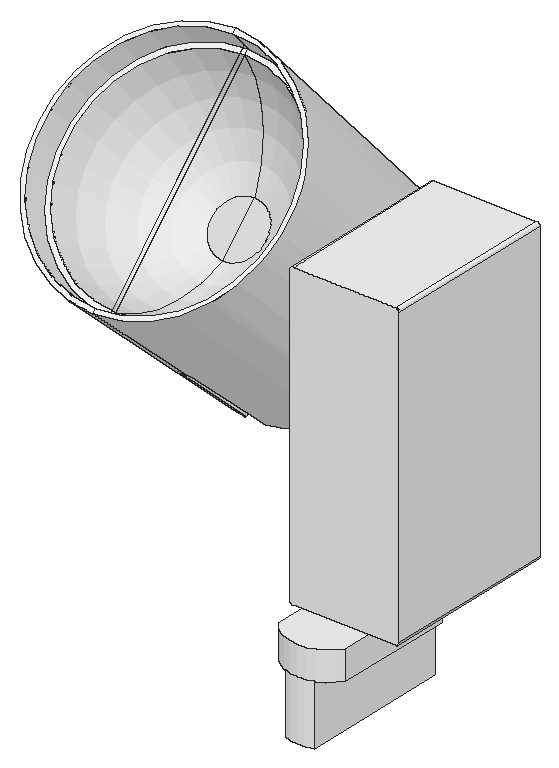
Revit family "0004938 Feilo Sylvania Lighting Fixture START TRACK SPOT L DALI 4824LM 940 WB WHT", category Lighting Fixtures, host Face, Revit 2017 (continued)
Definition of nested family "Start Track Spot Head"
  Types (96, lengths in mm): name | Wattage | built-in parameter 1150134 | Photometric Web File | Model | built-in parameter 1150105 | Lumens | built-in parameter 1150107 | built-in parameter 1150106 | HeadThickness_FEILO | HeadRibOffset_FEILO | HeadRibDepth_FEILO | HeadRibCutWidth_FEILO | HeadRibCutOffset_FEILO | HeadReflectorRadius_FEILO | HeadReflectorOffset_FEILO | HeadLEDRadius_FEILO | HeadHeight_FEILO | HeadDiffusorOffset_FEILO | HeadDiaOut_FEILO | HeadDiaIn_FEILO | HeadAxisFromTop_FEILO | Emit from Circle Diameter | built-in parameter 1150104 | Description | Apparent Load
    0004812 START TRACK SPOT S 14W 3K RA80 MB WHITE | 14 W | (empty or 0) | "0004812.ies" | "START TRACK SPOT S 14W 3K RA80 MB WHITE" | 120.32 (stored number, unit not read) | 1512 lm | 3000 (stored number, unit not read) | 1.2032 (stored number, unit not read) | 1.5 | 4.179 | 55.714 | 7.167 | 50.87 | 50.588 | 55.714 | 9.556 | 117 | 9.435 | 86 | 77.477 | 69.354 | 77.477 | 10.034 (stored number, unit not read) | "Integrated LED spotlight, Textured White - RAL9016, compact and minimalist design, ideal for retail applications, die-cast aluminium body, passive cooling heatsink. Beam angle: 36°, color temperature: 3000K , total system power: 14W, total fixture output: 1508 lm, LOR: 100%, colour rendering: Ra: 80 typical, LED Chromaticity: 3 step MacAdam ellipse, lifetime: >50000 hours at L70B50, energy class: A++, A+, A, IR/UV free light source without heat radiation, operating voltage: 220-240V / 50-60Hz, drive current: 350mA, electronic driver, non-dimmable, power factor: 0.92, electrical protection: Class II, Global Track 3 Phase adapter suitable for Global trac 3-circuit tracks, ingress protection rating: IP20, suitable for internal environment only, horizontal rotation: 355°, vertical tilt: 90°, dimensions: Ø86x140x200, weight: 0.940kg." | 14 VA
    0004811 START TRACK SPOT S 14W 3K RA80 NB WHITE | 14 W | (empty or 0) | "0004811.ies" | "START TRACK SPOT S 14W 3K RA80 NB WHITE" | 123.66 (stored number, unit not read) | 1554 lm | 3000 (stored number, unit not read) | 1.2366 (stored number, unit not read) | 1.5 | 4.179 | 55.714 | 7.167 | 50.87 | 50.588 | 55.714 | 9.556 | 117 | 9.435 | 86 | 77.477 | 69.354 | 77.477 | 10.312 (stored number, unit not read) | "Integrated LED spotlight, Textured White - RAL9016, compact and minimalist design, ideal for retail applications, die-cast aluminium body, passive cooling heatsink. Beam angle: 12°, color temperature: 3000K , total system power: 14W, total fixture output: 1551 lm, LOR: 100%, colour rendering: Ra: 80 typical, LED Chromaticity: 3 step MacAdam ellipse, lifetime: >50000 hours at L70B50, energy class: A++, A+, A, IR/UV free light source without heat radiation, operating voltage: 220-240V / 50-60Hz, drive current: 350mA, electronic driver, non-dimmable, power factor: 0.92, electrical protection: Class II, Global Track 3 Phase adapter suitable for Global trac 3-circuit tracks, ingress protection rating: IP20, suitable for internal environment only, horizontal rotation: 355°, vertical tilt: 90°, dimensions: Ø86x140x200, weight: 0.940kg." | 14 VA
  Reference planes
    plane 1 "Center (Front/Back)": y = 0
    plane 2: z = 0
    plane 3 "Center (Left/Right)": x = 0
    plane 4: x = 43
    plane 5: x = -43
    plane 6: x = -38.739
    plane 7: x = 38.739
    plane 8: z = 69.354
    plane 9: z = -47.646
    plane 10: x = -41.5
    plane 11: x = -37.239
    plane 12: z = -38.211
    plane 13: z = -35.211
    plane 14: z = 8.068
    plane 15: x = -9.556
    plane 16: x = -28.667
    plane 17: x = -19.111
    plane 18: x = -27.167
    plane 19: x = -17.611
    plane 20: x = -8.056
    plane 21: z = 13.64
    plane 22: x = -29.667
    plane 23: x = -26.167
    plane 24: x = -20.111
    plane 25: x = -16.611
    plane 26: x = -10.556
    plane 27: x = -7.056
    plane 28: x = -36.239
    plane 29: x = -40.5
    plane 30: z = 65.175
    plane 31: z = 60.997
    plane 32: z = 56.818
    plane 33: z = 18.484
    plane 34: y = -43
    plane 35: y = 43
    plane 36: y = 3.583
    plane 37: y = -3.583
    plane 38: y = -2.583
    plane 39: y = 2.583
    plane 40: y = 46
    plane 41: z = 13.5
    plane 42: z = -13.5
    plane 43: y = 39
    plane 44: x = 4.708
    plane 45: x = -2.458
    plane 46: x = -1.458
    plane 47: x = 1.458
  Forms (mm)
    Extrusion 1, solid
      sketch origin (4.2, 0, 0) x (1, 0, 0) y (0, 1, 0)
        loop
          line (-1219.2, 1219.2) -> (-1219.2, -1219.2) -> (1219.2, -1219.2) -> (1219.2, 1219.2) -> (-1219.2, 1219.2)
      from 0 to -68.017
    Revolve 2, solid, material <- "Material_1_FEILO", detail levels medium+fine
      sketch origin (0, 0, 0) x (1, 0, 0) y (0, 0, 1)
        loop
          line (-43, -47.646) -> (-41.5, -47.646) -> (-40.5, -35.211) -> (-38.739, -35.211)
          arc (-38.739, -35.211) -> (-30.16, -9.517) -> (-9.556, 8.068) r 50.588
          line (-9.556, 8.068) -> (0, 8.068) -> (0, 13.64) -> (-16.611, 13.64) -> (-17.611, 60.997) -> (-19.111, 60.997) -> (-20.111, 13.64) -> (-36.239, 13.64) -> (-37.239, 69.354) -> (-38.739, 69.354) -> (-43, -47.646)
        axis (0, 69.354) -> (0, -47.646)
      angle from 360 to 0
    Extrusion 3, void
      sketch origin (0, 0, 0) x (0, 1, 0) y (0, 0, 1)
        loop
          line (-3.583, 69.354) -> (-2.583, 18.484) -> (1.932, 18.484) -> (2.932, 69.354) -> (-3.583, 69.354)
      from 43 to -43
    Revolve 4, solid, material <- "Material_2_FEILO", detail levels medium+fine
      sketch origin (0, 0, 0) x (1, 0, 0) y (0, 0, 1)
        loop
          line (-41.5, -38.211) -> (0, -38.211) -> (0, -35.211) -> (-41.5, -35.211) -> (-41.5, -38.211)
        axis (0, -35.211) -> (0, -38.211)
      angle from 360 to 0
    Revolve 5, solid, material <- "Material_1_FEILO"
      sketch origin (0, 0, 0) x (0, 1, 0) y (0, 0, 1)
        loop
          line (46, 0) -> (39, 0) -> (39, -13.5) -> (46, -13.5) -> (46, 0)
        axis (39, 0) -> (46, 0)
      angle from 360 to 0
    Revolve 6, solid, material <- "Material_1_FEILO", detail levels medium+fine
      sketch origin (0, 0, 0) x (1, 0, 0) y (0, 0, 1)
        loop
          line (-29.667, 13.64) -> (-26.167, 13.64) -> (-27.167, 65.175) -> (-28.667, 65.175) -> (-29.667, 13.64)
        loop
          line (-10.556, 13.64) -> (-7.056, 13.64) -> (-7.833, 56.818) -> (-9.778, 56.818) -> (-10.556, 13.64)
        axis (0, 65.175) -> (0, 13.64)
      angle from 360 to 0
    Extrusion 7, void
      sketch origin (0, 0, 0) x (1, 0, 0) y (0, 0, 1)
        loop
          line (4.708, 69.354) -> (-2.458, 69.354) -> (-1.458, 13.64) -> (1.458, 13.64) -> (4.708, 69.354)
      from -43 to 43
    Revolve 8, solid, material <- "Material_1_FEILO", detail levels coarse
      sketch origin (0, 0, 0) x (1, 0, 0) y (0, 0, 1)
        loop
          line (0, 69.354) -> (-38.739, 69.354) -> (-43, -47.646) -> (-41.5, -47.646) -> (-40.731, -38.211) -> (0, -38.211) -> (0, 69.354)
        axis (0, 69.354) -> (0, -47.646)
      angle from 360 to 0
  Cuts and joins
    Extrusion 3 cuts Revolve 2
    Extrusion 7 cuts Revolve 6
  Dimensions and locks
    equal spacing: plane 7, plane 3 "Center (Left/Right)", plane 6
    equal spacing: plane 4, plane 3 "Center (Left/Right)", plane 5
    "HeadDiaOut_FEILO": plane 4 to plane 5
    "HeadDiaIn_FEILO": plane 7 to plane 6
    "HeadHeight_FEILO": plane 8 to plane 9
    "HeadThickness_FEILO": plane 10 to plane 5
    "HeadThickness_FEILO": plane 11 to plane 6
    "HeadDiffusorOffset_FEILO": plane 12 to plane 9
    "HeadDiffusorThickness_FEILO": plane 13 to plane 12
    "HeadReflectorOffset_FEILO": plane 14 to plane 9
    "HeadLEDRadius_FEILO": plane 3 "Center (Left/Right)" to plane 15
    "HeadLEDRadius_FEILO": plane 15 to plane 17
    "HeadLEDRadius_FEILO": plane 17 to plane 16
    "HeadThickness_FEILO": plane 18 to plane 16
    "HeadThickness_FEILO": plane 19 to plane 17
    "HeadThickness_FEILO": plane 20 to plane 15
    "HeadRibDepth_FEILO": plane 8 to plane 21
    "HeadDraft_FEILO": plane 16 to plane 22
    "HeadDraft_FEILO": plane 23 to plane 18
    "HeadDraft_FEILO": plane 17 to plane 24
    "HeadDraft_FEILO": plane 25 to plane 19
    "HeadDraft_FEILO": plane 15 to plane 26
    "HeadDraft_FEILO": plane 27 to plane 20
    "HeadDraft_FEILO": plane 29 to plane 10
    "HeadDraft_FEILO": plane 28 to plane 11
    "HeadRibOffset_FEILO": plane 8 to plane 30
    "HeadRibOffset_FEILO": plane 30 to plane 31
    "HeadRibOffset_FEILO": plane 31 to plane 32
    "HeadAxisFromTop_FEILO": plane 8 to plane 2
    "HeadRibCutOffset_FEILO": plane 8 to plane 33
    equal spacing: plane 34, plane 1 "Center (Front/Back)", plane 35
    "HeadDiaOut_FEILO": plane 34 to plane 35
    equal spacing: plane 38, plane 1 "Center (Front/Back)", plane 39
    equal spacing: plane 37, plane 1 "Center (Front/Back)", plane 36
    "HeadRibCutWidth_FEILO": plane 37 to plane 36
    "HeadDraft_FEILO": plane 37 to plane 38
    locked: plane 35 to plane 40 at 3
    equal spacing: plane 41, plane 2, plane 42
    locked: plane 42 to plane 41 at 27
    locked: plane 43 to plane 35 at 4
    equal spacing: plane 45, imposter light, plane 44
    "HeadDraft_FEILO": plane 46 to plane 45
    "HeadRibCutWidth_FEILO": plane 44 to plane 45
    equal spacing: plane 47, plane 3 "Center (Left/Right)", plane 46
    "HeadReflectorRadius_FEILO": radius of Revolve 2 sketch curve
    aligned and locked: plane 2 to Extrusion 1
    aligned and locked: level to Extrusion 1
    aligned and locked: Revolve 2 sketch curve to plane 3 "Center (Left/Right)"  (x2)
    aligned and locked: plane 9 to Revolve 2 sketch curve  (x2)
    aligned and locked: plane 5 to Revolve 2 sketch curve
    aligned and locked: plane 10 to Revolve 2 sketch curve
    aligned and locked: plane 14 to Revolve 2 sketch curve
    aligned and locked: plane 8 to Revolve 2 sketch curve
    aligned and locked: Revolve 2 sketch curve to plane 13
    aligned and locked: plane 12 to Revolve 4 sketch curve
    aligned and locked: plane 3 "Center (Left/Right)" to Revolve 4 sketch curve
    aligned and locked: Revolve 4 sketch curve to plane 10
    aligned and locked: Revolve 4 sketch curve to plane 3 "Center (Left/Right)"
    aligned and locked: plane 12 to imposter light
    aligned and locked: imposter light to plane 1 "Center (Front/Back)"
    aligned and locked: Revolve 5 sketch curve to plane 2
    aligned and locked: plane 43 to Revolve 5 sketch curve
    aligned and locked: plane 42 to Revolve 5 sketch curve
    aligned and locked: Revolve 6 sketch curve to plane 3 "Center (Left/Right)"
    aligned and locked: plane 22 to Revolve 6 sketch curve
    aligned and locked: plane 30 to Revolve 6 sketch curve
    aligned and locked: plane 23 to Revolve 6 sketch curve
    aligned and locked: Revolve 6 sketch curve to plane 21  (x2)
    aligned and locked: plane 21 to Revolve 6 sketch curve
    aligned and locked: plane 17 to Revolve 2 sketch curve
    aligned and locked: plane 19 to Revolve 2 sketch curve
    aligned and locked: plane 31 to Revolve 2 sketch curve
    aligned and locked: plane 21 to Revolve 2 sketch curve
    aligned and locked: Extrusion 3 to plane 8
    aligned and locked: plane 33 to Extrusion 3
    aligned and locked: plane 8 to Extrusion 3 sketch curve
    aligned and locked: Extrusion 3 sketch curve to plane 33
    aligned and locked: Extrusion 3 to plane 5
    aligned and locked: plane 4 to Extrusion 3
    aligned and locked: plane 32 to Revolve 6 sketch curve
    aligned and locked: plane 44 to Extrusion 7 sketch curve
    aligned and locked: Extrusion 7 sketch curve to plane 8
    aligned and locked: plane 46 to Extrusion 7 sketch curve
    aligned and locked: plane 21 to Extrusion 7 sketch curve
    aligned and locked: plane 34 to Extrusion 7
    aligned and locked: Extrusion 7 to plane 35
    aligned and locked: Revolve 4 sketch curve to plane 13
    aligned and locked: Revolve 5 sketch curve to plane 40
    aligned and locked: Revolve 8 sketch curve to plane 3 "Center (Left/Right)"
    aligned and locked: Revolve 8 sketch curve to cut or joined group of Revolve 2, Extrusion 3  (x3)
    aligned and locked: plane 5 to Revolve 8 sketch curve
    aligned and locked: plane 3 "Center (Left/Right)" to Revolve 8 sketch curve
    aligned and locked: plane 12 to Revolve 8 sketch curve
  Automatic sketch dimensions
    Extrusion 1 sketch curve to Extrusion 1 sketch curve = 2438.4 mm  (x2)
    Extrusion 3 sketch curve to plane 37 = 0 mm
    Extrusion 3 sketch curve to plane 38 = 0 mm
    plane 39 to Extrusion 3 sketch curve = 0.651 mm
    Extrusion 3 sketch curve to plane 39 = 0.349 mm
    Revolve 6 sketch curve to plane 16 = 0 mm
    Revolve 6 sketch curve to plane 18 = 0 mm
    Revolve 6 sketch curve to plane 26 = 0 mm
    Revolve 6 sketch curve to plane 27 = 0 mm
    Revolve 6 sketch curve to plane 15 = 0.222 mm
    plane 9 to Revolve 6 sketch curve = 559.103 mm
    Revolve 6 sketch curve to plane 8 = 2535.555 mm
    plane 20 to Revolve 6 sketch curve = 0.222 mm
    Revolve 2 sketch curve to plane 29 = 0 mm
    Revolve 2 sketch curve to plane 6 = 0 mm  (x2)
    Revolve 2 sketch curve to plane 11 = 0 mm
    Revolve 2 sketch curve to plane 21 = 0 mm
    Revolve 2 sketch curve to plane 28 = 0 mm
    Revolve 2 sketch curve to plane 24 = 0 mm
    Revolve 2 sketch curve to plane 25 = 0 mm
    Revolve 2 sketch curve to plane 15 = 0 mm
    Revolve 2 sketch curve to Revolve 2 sketch curve = 557.155 mm
    Revolve 2 sketch curve to plane 8 = 2535.558 mm
    Extrusion 7 sketch curve to plane 45 = 0 mm
    Extrusion 7 sketch curve to plane 47 = 0 mm
    plane 9 to Revolve 4 sketch curve = 559.103 mm
    Revolve 4 sketch curve to plane 8 = 2535.555 mm
    Revolve 5 sketch curve to level = 0 mm
    plane 34 to Revolve 5 sketch curve = 1968.092 mm
    Revolve 5 sketch curve to plane 40 = 1405.763 mm
    Revolve 8 sketch curve to plane 6 = 0 mm
    Revolve 8 sketch curve to plane 29 = 0.231 mm
    plane 9 to Revolve 8 sketch curve = 559.103 mm
    Revolve 8 sketch curve to Revolve 8 sketch curve = 2535.555 mm
Definition of nested family "Start Track Spot Box"
  Parameters (values of type "Type Large White")
    URL = "http://www.feilosylvania.com"
    Type Image = (empty or 0)
    Type Comments = "n/a"
    Small_FEILO = no
    Material_3_FEILO = none
    Model = ""
    Manufacturer = "Feilo Sylvania"
    Keynote = ""
    Material_2_FEILO = none
    Description = ""
    Default Elevation = 1219.2 mm
    Cost = 0
    Material_1_FEILO = none
    BoxWidth_FEILO = 49 mm
    BoxStartAngle_FEILO [instance] = 0.00°
    BoxRadius_FEILO = 1.5 mm
    BoxHeight_FEILO = if(Small_FEILO, 112 mm, 136 mm)  # 136 mm
    BoxEndAngle_FEILO [instance] = BoxStartAngle_FEILO - 180.00°  # -180.00°
    BoxDepth_FEILO = if(Small_FEILO, 71.5 mm, 79 mm)  # 79 mm
    BoxAxisVerticalOffset_FEILO = 16 mm
    BoxAxisOffset_FEILO = BoxHeight_FEILO / 6.8  # 20 mm
    Assembly Code = ""
    Material_4_FEILO = none
  Types (4, lengths in mm): name | Small_FEILO | BoxHeight_FEILO | BoxDepth_FEILO | BoxAxisOffset_FEILO
    Type Large White | no | 136 | 79 | 20
    Type Small White | yes | 112 | 71.5 | 16.471
    Type Small Black | yes | 112 | 71.5 | 16.471
    Type Large Black | no | 136 | 79 | 20
  Reference planes
    plane 1 "Center (Front/Back)": y = 0
    plane 2: z = 0
    plane 3 "Center (Left/Right)": x = 0
    plane 4: x = 24.5
    plane 5: x = -24.5
    plane 6: y = 68
    plane 7: y = -68
    plane 8: z = 39.5
    plane 9: z = -39.5
    plane 10: y = -48
    plane 11: x = 30.5
    plane 12: x = 8.5
    plane 13: x = 21.5
    plane 14: y = 70
    plane 15: y = 72
    plane 16: x = 19.5
  Forms (mm)
    Extrusion 1, solid
      sketch origin (4.2, 0, 0) x (1, 0, 0) y (0, 1, 0)
        loop
          line (-1219.2, 1219.2) -> (-1219.2, -1219.2) -> (1219.2, -1219.2) -> (1219.2, 1219.2) -> (-1219.2, 1219.2)
      from 0 to -68.017
    Extrusion 2, solid, material <- "Material_1_FEILO"
      sketch origin (0, 0, 0) x (1, 0, 0) y (0, 1, 0)
        loop
          arc (-23, 68) -> (-24.061, 67.561) -> (-24.5, 66.5) r 1.5
          line (-24.5, 66.5) -> (-24.5, -66.5)
          arc (-24.5, -66.5) -> (-24.061, -67.561) -> (-23, -68) r 1.5
          line (-23, -68) -> (23, -68)
          arc (23, -68) -> (24.061, -67.561) -> (24.5, -66.5) r 1.5
          line (24.5, -66.5) -> (24.5, 66.5)
          arc (24.5, 66.5) -> (24.061, 67.561) -> (23, 68) r 1.5
          line (23, 68) -> (-23, 68)
      from -39.5 to 39.5
    Revolve 3, solid, not visible
      sketch origin (0, 0, 0) x (1, 0, 0) y (0, 1, 0)
        loop
          line (30.5, -48) -> (24.5, -48) -> (24.5, -68) -> (30.5, -68) -> (30.5, -48)
        axis (30.5, -48) -> (24.5, -48)
      angle from 0 <- "BoxStartAngle_FEILO" to -180 <- "BoxEndAngle_FEILO"
    Revolve 4, solid, material <- "Material_2_FEILO"
      sketch origin (0, 0, 0) x (1, 0, 0) y (0, 1, 0)
        loop
          line (8.5, 68) -> (19.5, 68) -> (19.5, 70) -> (21.5, 70) -> (21.5, 72) -> (8.5, 72) -> (8.5, 68)
        axis (8.5, 72) -> (8.5, 68)
      angle from 360 to 0
  Dimensions and locks
    equal spacing: plane 5, plane 3 "Center (Left/Right)", plane 4
    "BoxWidth_FEILO": plane 5 to plane 4
    equal spacing: plane 7, plane 1 "Center (Front/Back)", plane 6
    "BoxHeight_FEILO": plane 7 to plane 6
    equal spacing: plane 8, plane 2, plane 9
    "BoxDepth_FEILO": plane 8 to plane 9
    "BoxAxisOffset_FEILO": plane 7 to plane 10
    locked: plane 4 to plane 11 at 6
    "BoxAxisVerticalOffset_FEILO": plane 12 to plane 4
    locked: plane 12 to plane 13 at 13
    plane 6 to plane 14 to plane 15 = 2 mm locked, 2 mm locked
    locked: plane 12 to plane 16 at 11
    "BoxRadius_FEILO": radius of Extrusion 2 sketch curve  (x4)
    aligned and locked: plane 2 to Extrusion 1
    aligned and locked: level to Extrusion 1
    aligned and locked: plane 6 to Extrusion 2 sketch curve
    aligned and locked: plane 5 to Extrusion 2 sketch curve
    aligned and locked: Extrusion 2 sketch curve to plane 7
    aligned and locked: Extrusion 2 sketch curve to plane 4
    aligned and locked: Extrusion 2 to plane 8
    aligned and locked: plane 9 to Extrusion 2
    aligned and locked: Revolve 3 sketch curve to plane 10  (x2)
    aligned and locked: plane 11 to Revolve 3 sketch curve
    aligned and locked: Revolve 3 sketch curve to plane 4
    aligned and locked: plane 7 to Revolve 3 sketch curve
    aligned and locked: Revolve 4 sketch curve to plane 12
    aligned and locked: plane 6 to Revolve 4 sketch curve
    aligned and locked: plane 12 to Revolve 4 sketch curve
    aligned and locked: plane 15 to Revolve 4 sketch curve
    aligned and locked: Revolve 4 sketch curve to plane 13
    aligned and locked: Revolve 4 sketch curve to plane 14
    aligned and locked: Revolve 4 sketch curve to plane 16
    aligned and locked: Revolve 4 sketch curve to plane 6
  Automatic sketch dimensions
    Extrusion 1 sketch curve to Extrusion 1 sketch curve = 2438.4 mm  (x2)
    Revolve 3 sketch curve to plane 5 = 1499.5 mm
    plane 11 to Revolve 3 sketch curve = 1493.5 mm
    plane 15 to Revolve 4 sketch curve = 0 mm
    plane 7 to Revolve 4 sketch curve = 1456 mm
    Revolve 4 sketch curve to plane 15 = 1452 mm
